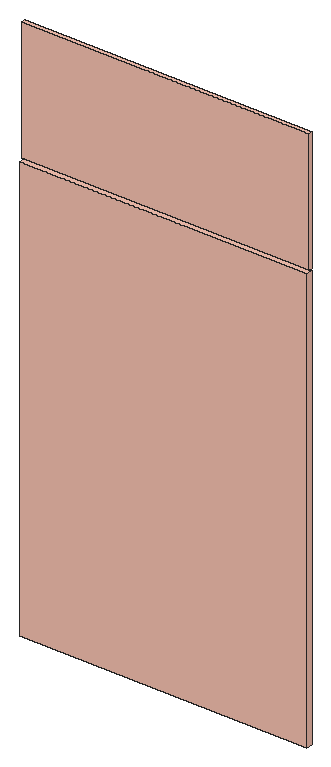
Revit family "EXP_WT-2_CPan-003", category Curtain Panels, Revit 2021
Family settings
  OmniClass Number = 23.25.20.14.11.11.17
  OmniClass Title = Infill Panels
  Always vertical = Yes
  Cut with Voids When Loaded = No
  Shared = No
Parameters (values of type "H2 = 13'")
  UI-UnitNumber [instance] = "001"
  UI-Quadrant [instance] = "SE"
  UI-ProjectAbbreviation = "NEU"
  UI-ItemCategory = "PID"
  UI-FloorNumber [instance] = "03"
  PNT-WallType = "WT2"
  PNT-ProjectAbbreviation = "NEU"
  PNT-PanelType [instance] = "01"
  PNT-ItemCategory = "PNL"
  GlassSPH2(x2) [instance] = 0' - 2 3/16"
  GlassSPH1 [instance] = 0' - 1 1/8"
  GlassH2 [instance] = IG-2F(Glass)
  GlassH1 [instance] = IG-2F(Glass)
  Define Thermal Properties by = Schematic Type
  CellSp = 0' - 10 3/16"
  CellL [instance] = 8' - 10"
  CellH2 = 13' - 0"
  CellH1 [instance] = CellH - CellH2  # 3' - 10"
  CellH [instance] = 16' - 10"
  Analytic Construction = "<None>"
Types (5): name | CellH2 | CellH1
  H2 = 13' | 13' - 0" | 3' - 10"
  H2 = 12' 8 3/4" | 12' - 8 3/4" | 4' - 1 1/4"
  H2 = 9' 11 1/2" | 9' - 11 1/2" | 6' - 10 1/2"
  H2 = 7' 8 3/4" | 7' - 8 3/4" | 9' - 1 1/4"
  H2 = 8' 0" | 8' - 0" | 8' - 10"
Reference planes (in)
  plane 1 "Center (Front/Back)": y = 0
  plane 2: z = 0
  plane 3 "Center (Left/Right)": x = 0
  plane 4 "Left": x = -53
  plane 5 "Right": x = 53
  plane 6 "Top": z = 202
  plane 7: z = 156
  plane 8: y = -10.1875
Forms (in)
  Extrusion 1, solid, material "IG-2F(Glass)" <- "GlassH2", detail levels coarse+medium
    sketch origin (0, 0, 0) x (0, 1, 0) y (0, 0, 1)
      loop
        line (-10.1875, 156) -> (-10.1875, 0) -> (0, 0) -> (0, 156) -> (-10.1875, 156)
    from -53 to 53
  Extrusion 2, solid, material "IG-2F(Glass)" <- "GlassH1", detail levels coarse+medium
    sketch origin (0, 0, 0) x (0, 1, 0) y (0, 0, 1)
      loop
        line (-10.1875, 202) -> (-10.1875, 156) -> (0, 156) -> (0, 202) -> (-10.1875, 202)
    from -53 to 53
Text (in)
  text "Exterior" at (-92.59733, 55.75508, 0), in view "Ref. Level"
  text "Exterior" at (0, 90.18664, 173.49264), in view "Left"
  text "Exterior" at (0, 52.29083, 162.21847), in view "Right"
Dimensions and locks (in)
  equal spacing: plane 4 "Left", plane 3 "Center (Left/Right)", plane 5 "Right"  (x2)
  "CellH2": plane 2 to plane 7
  "CellH1": plane 7 to plane 6 "Top"
  Extrusion 2 sketch curve to Extrusion 2 sketch curve = 0' - 10 3/16"
  "CellL": plane 4 "Left" to plane 5 "Right"
  "CellH": plane 2 to plane 6 "Top"
  "CellSp": plane 8 to plane 1 "Center (Front/Back)"
  aligned and locked: level to plane 2
  aligned and locked: Extrusion 1 sketch curve to plane 7
  aligned and locked: plane 8 to Extrusion 1 sketch curve
  aligned and locked: level to Extrusion 1 sketch curve
  aligned and locked: plane 1 "Center (Front/Back)" to Extrusion 1 sketch curve
  aligned and locked: plane 4 "Left" to Extrusion 1
  aligned and locked: Extrusion 1 to plane 5 "Right"
  aligned and locked: plane 6 "Top" to Extrusion 2 sketch curve
  aligned and locked: plane 8 to Extrusion 2 sketch curve
  aligned and locked: Extrusion 2 to plane 5 "Right"
  aligned and locked: plane 4 "Left" to Extrusion 2
  aligned and locked: Extrusion 2 to plane 1 "Center (Front/Back)"
  aligned and locked: plane 1 "Center (Front/Back)" to nested 1
  aligned and locked: plane 5 "Right" to nested 1
  aligned and locked: plane 4 "Left" to nested 1
  aligned and locked: plane 1 "Center (Front/Back)" to nested 2
  aligned and locked: plane 7 to nested 2
  aligned and locked: plane 2 to nested 2
  aligned and locked: plane 5 "Right" to nested 2
  aligned and locked: plane 4 "Left" to nested 2
  aligned and locked: plane 1 "Center (Front/Back)" to nested 3
  aligned and locked: nested 3 to plane 6 "Top"
  aligned and locked: plane 7 to nested 3
  aligned and locked: plane 4 "Left" to nested 3
  aligned and locked: plane 5 "Right" to nested 3
Automatic sketch dimensions
  Extrusion 2 sketch curve to plane 7 = 0' - 0"
Nested families (in)
  nested 1: "EXP_xx_DetO-002" at (0, 0, 0), CellH <- "CellH", CellL <- "CellL", type "EXP_xx_DetO-002", detail levels coarse
    with CellL 8' - 10", CellH 16' - 10"
  nested 2: "EXP_WT-1x_IG-001" at (0, 0, 78), MaterialGlass <- "GlassH2", GlassSP <- "GlassSPH2(x2)", type "GlassSP = H2(x2)", detail levels fine
    with MaterialGlass IG-2F(Glass), GlassSP 0' - 2 3/16", GlassL 8' - 8.12598", GlassH 12' - 10.06299", CellL 8' - 10", CellH 13' - 0"
  nested 3: "EXP_WT-1x_IG-001" at (0, 0, 179), MaterialGlass <- "GlassH1", GlassSP <- "GlassSPH1", type "GlassSP = H1", detail levels fine
    with MaterialGlass IG-2F(Glass), GlassSP 0' - 1 1/8", GlassL 8' - 8.12549", GlassH 3' - 8 5/16", CellL 8' - 10", CellH 3' - 10"
Definition of nested family "EXP_WT-1x_IG-001"
  Parameters (values of type "H2 _ GlassSP = 1 1/4"")
    MaterialGlass [instance] = none
    GlassSP [instance] = 0' - 1 1/4"
    GlassL [instance] = CellL - (GlassD1 + GlassD3)  # 3' - 10.94439"
    GlassH [instance] = CellH - (GlassD2 + GlassD4)  # 6' - 6.64788"
    GlassD4 = 0' - 1.43701"
    GlassD3 = 0' - 0.93701"
    GlassD2 = 0' - 0 1/2"
    GlassD1 = 0' - 0 15/16"
    GMPI-ProjectAbbreviation = "NEU"
    GMPI-IteamCategory = "GLS"
    Default Elevation = 0' - 0"
    CellL [instance] = 4' - 0.8189"
    CellH [instance] = 6' - 8.58489"
  Types (12): name | GlassSP | GlassL | GlassH | GlassD4 | GlassD2 | GlassD1
    H2(x2) _ GlassSP = 2 1/8" | 0' - 2.12598" | 3' - 10.94488" | 6' - 6.64788" | 0' - 1.43701" | 0' - 0 1/2" | 0' - 0.93701"
    H1 _ GlassSP = 1 1/4" | 0' - 1 1/4" | 3' - 10.94439" | 6' - 6.89739" | 0' - 0 1/4" | 0' - 1 7/16" | 0' - 0 15/16"
    H2(x3) _ GlassSP = 2 1/8" | 0' - 2.12598" | 3' - 10.94488" | 6' - 7.83489" | 0' - 0 1/4" | 0' - 0 1/2" | 0' - 0.93701"
    H3 _ GlassSP = 1 1/4" | 0' - 1 1/4" | 3' - 10.94439" | 6' - 6.64788" | 0' - 1.43701" | 0' - 0 1/2" | 0' - 0 15/16"
    H _ GlassSP = 2 1/8" | 0' - 2.12598" | 3' - 10.94488" | 6' - 5.71088" | 0' - 1.43701" | 0' - 1.43701" | 0' - 0.93701"
    H _ GlassSP = 1 1/4" | 0' - 1 1/4" | 3' - 10.94439" | 6' - 5.71088" | 0' - 1.43701" | 0' - 1.43701" | 0' - 0 15/16"
    H2 _ GlassSP = 1 1/4" | 0' - 1 1/4" | 3' - 10.94439" | 6' - 6.64788" | 0' - 1.43701" | 0' - 0 1/2" | 0' - 0 15/16"
    GlassSP = H | 0' - 1 1/4" | 3' - 10.94439" | 6' - 5.71088" | 0' - 1.43701" | 0' - 1.43701" | 0' - 0 15/16"
    GlassSP = H3 | 0' - 1 1/4" | 3' - 10.94439" | 6' - 6.64788" | 0' - 1.43701" | 0' - 0 1/2" | 0' - 0 15/16"
    GlassSP = H2(x3) | 0' - 2.12598" | 3' - 10.94488" | 6' - 7.83489" | 0' - 0 1/4" | 0' - 0 1/2" | 0' - 0.93701"
    GlassSP = H2(x2) | 0' - 2.12598" | 3' - 10.94488" | 6' - 6.64788" | 0' - 1.43701" | 0' - 0 1/2" | 0' - 0.93701"
    GlassSP = H1 | 0' - 1 1/4" | 3' - 10.94439" | 6' - 6.89739" | 0' - 0 1/4" | 0' - 1 7/16" | 0' - 0 15/16"
  Reference planes (in)
    plane 1 "Center (Front/Back)": y = 0
    plane 2: z = 0
    plane 3 "Center (Left/Right)": x = 0
    plane 4: x = -24.40945
    plane 5: x = 24.40945
    plane 6: z = 40.29245
    plane 7: x = -23.47195
    plane 8: x = 23.47244
    plane 9: z = -40.29245
    plane 10: z = 39.79245
    plane 11: z = -38.85544
  Forms (in)
    Extrusion 1, solid, material <- "MaterialGlass"
      sketch origin (0, 0, 0) x (1, 0, 0) y (0, 0, 1)
        loop
          line (-23.47195, -38.85544) -> (23.47244, -38.85544) -> (23.47244, 39.79245) -> (-23.47195, 39.79245) -> (-23.47195, -38.85544)
      from 0 to 1.25 <- "GlassSP"
  Dimensions and locks (in)
    equal spacing: plane 6, level, plane 9
    "CellH": plane 6 to plane 9
    "GlassD2": plane 6 to plane 10
    "GlassD4": plane 11 to plane 9
    equal spacing: plane 4, plane 3 "Center (Left/Right)", plane 5
    "CellL": plane 4 to plane 5
    "GlassD1": plane 4 to plane 7
    "GlassD3": plane 5 to plane 8
    aligned and locked: level to plane 2
    aligned and locked: Extrusion 1 sketch curve to plane 11
    aligned and locked: Extrusion 1 sketch curve to plane 7
    aligned and locked: plane 10 to Extrusion 1 sketch curve
    aligned and locked: plane 8 to Extrusion 1 sketch curve
Definition of nested family "EXP_xx_DetO-002"
  Parameters (values of type "EXP_xx_DetO-002")
    Default Elevation = 0' - 0"
    CellL [instance] = 5' - 4.56693"
    CellH [instance] = 5' - 2.99213"
  Reference planes (in)
    plane 1 "Center (Front/Back)": y = 0
    plane 2: z = 0
    plane 3 "Center (Left/Right)": x = 0
    plane 4: x = -32.28346
    plane 5: x = 32.28346
    plane 6: z = 62.99213
  Lines and regions (in)
    model lines
      curve 1: line (-32.28346, 0, 62.99213) -> (32.28346, 0, 0)
      curve 2: line (32.28346, 0, 62.99213) -> (-32.28346, 0, 0)
  Dimensions and locks (in)
    "CellH": plane 6 to level
    equal spacing: plane 4, plane 3 "Center (Left/Right)", plane 5
    "CellL": plane 4 to plane 5
    aligned and locked: level to plane 2
  Automatic sketch dimensions
    curve 2 to level = 0' - 0"
    plane 4 to curve 2 = 0' - 0"
    plane 4 to curve 1 = 0' - 0"
    plane 5 to curve 2 = 0' - 0"
    curve 1 to level = 0' - 0"
    plane 5 to curve 1 = 0' - 0"
    curve 2 to plane 6 = 0' - 0"
    curve 1 to plane 6 = 0' - 0"
